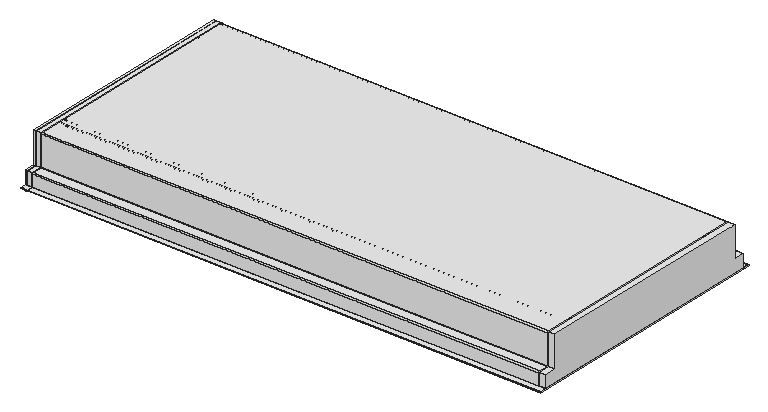
Revit family "MD1U-PR", category Lighting Fixtures, host Ceiling, Revit 2023
Family settings
  Host = Ceiling
  Round Connector Dimension = Use Diameter
  Part Type = Normal
  OmniClass Number = 23.80.70.11.14.17
  OmniClass Title = Direct/Indirect
  Always vertical = Yes
  Cut with Voids When Loaded = No
  Light Source = Yes
  Maintain Annotation Orientation = No
  Shared = No
  Room Calculation Point = No
Parameters (values of type "MD1UI2X4-LED840K125LUNV-C84(G)C97(3)-Reading")
  Width = 1' - 11 3/4"
  Wattage = 19 W
  built-in parameter 1150110 = 1 (stored number, unit not read)
  Voltage = 120 V
  URL = "https://www.viscor.com/en/products/md1u-patient-room"
  built-in parameter 1114217 = 0.9 (stored number, unit not read)
  Tilt Angle = 90.00°
  built-in parameter 1150109 = 1 (stored number, unit not read)
  built-in parameter 1150134 = 12
  built-in parameter 1150113 = 1 (stored number, unit not read)
  Photometric Web File = "MD1UI2X4-LED840K125LUNV-C84(G)C97(3)-Reading.ies"
  Model = "MD1U Patient Room"  # constant formula
  Manufacturer = "CERTOLUX by VISCOR"  # constant formula
  Lumens = 1995 lm
  built-in parameter 1150115 = 1 (stored number, unit not read)
  built-in parameter 1150105 = 158.76 (stored number, unit not read)
  built-in parameter 1150137 = (empty or 0)
  built-in parameter 1150139 = (empty or 0)
  Lens Finish = Polycarbonate - Viscor - Clear Flat Smooth Lens
  Length = 3' - 11 3/4"
  Lamp Wattage = 19 VA
  built-in parameter 1150112 = 1 (stored number, unit not read)
  built-in parameter 1150114 = 1 (stored number, unit not read)
  Lamp = "LED"  # constant formula
  built-in parameter 1150132 = (empty or 0)
  built-in parameter 1150102 = (empty or 0)
  built-in parameter 1150138 = (empty or 0)
  built-in parameter 1150107 = 4000 (stored number, unit not read)
  built-in parameter 1150106 = 1.5876 (stored number, unit not read)
  Housing Finish = Metal - Viscor - White
  Emit from Rectangle Width = Width  # 1' - 11 3/4"
  Emit from Rectangle Length = Length  # 3' - 11 3/4"
  Emit Shape Visible in Rendering = no
  built-in parameter 1150104 = 9.7548 (stored number, unit not read)
  Dimming Lamp Color Temperature Shift = <None>
  Diffuser Finish = Polycarbonate - Viscor - Frosted Formed
  Description = "LED Medical 1 Recessed Patient Room"  # constant formula
  Default Elevation = 0' - 0"
  Color Filter = 16777215
  built-in parameter 1114218 = 1 (stored number, unit not read)
  built-in parameter 1150133 = 10 (stored number, unit not read)
  Assembly Code = "D5020200"
  Apparent Load = Lamp Wattage  # 19 VA
Types (8): name | Wattage | Photometric Web File | Lumens | built-in parameter 1150105 | Length | Lamp Wattage | built-in parameter 1150106 | Emit from Rectangle Length | built-in parameter 1150104 | Apparent Load
  (no name) | 19 W | "MD1UI2X4-LED840K125LUNV-C84(G)C97(3)-Reading.ies" | 1995 lm | 158.76 (stored number, unit not read) | 3' - 11 3/4" | 19 VA | 1.5876 (stored number, unit not read) | 3' - 11 3/4" | 9.7548 (stored number, unit not read) | 19 VA
  MD1UI2X2-LED840K090LUNV-C84(G)C97(2)-Ambient | 27 W | "MD1UI2X2-LED840K090LUNV-C84(G)C97(2)-Ambient.ies" | 2997 lm | 238.49 (stored number, unit not read) | 1' - 11 3/4" | 27 VA | 2.3849 (stored number, unit not read) | 1' - 11 3/4" | 10.312 (stored number, unit not read) | 27 VA
  MD1UI2X4-LED840K125LUNV-C84(G)C97(2)-Exam | 113 W | "MD1UI2X4-LED840K125LUNV-C84(G)C97(2)-Exam.ies" | 12543 lm | 998.14 (stored number, unit not read) | 3' - 11 3/4" | 113 VA | 9.9814 (stored number, unit not read) | 3' - 11 3/4" | 10.312 (stored number, unit not read) | 113 VA
  MD1UI2X2-LED840K090LUNV-C84(G)C97(2)-Exam | 79 W | "MD1UI2X2-LED840K090LUNV-C84(G)C97(2)-Exam.ies" | 9006 lm | 716.67 (stored number, unit not read) | 1' - 11 3/4" | 79 VA | 7.1667 (stored number, unit not read) | 1' - 11 3/4" | 10.591 (stored number, unit not read) | 79 VA
  MD1UI2X4-LED840K125LUNV-C84(G)C97(2)-Ambient | 40 W | "MD1UI2X4-LED840K125LUNV-C84(G)C97(2)-Ambient.ies" | 4480 lm | 356.51 (stored number, unit not read) | 3' - 11 3/4" | 40 VA | 3.5651 (stored number, unit not read) | 3' - 11 3/4" | 10.405 (stored number, unit not read) | 40 VA
  MD1UI2X4-LED840K125LUNV-C84(G)C97(3)-Ambient | 40 W | "MD1UI2X4-LED840K125LUNV-C84(G)C97(3)-Ambient.ies" | 4480 lm | 356.51 (stored number, unit not read) | 3' - 11 3/4" | 4 VA | 3.5651 (stored number, unit not read) | 3' - 11 3/4" | 10.405 (stored number, unit not read) | 4 VA
  MD1UI2X4-LED840K125LUNV-C84(G)C97(3)-Exam | 113 W | "MD1UI2X4-LED840K125LUNV-C84(G)C97(3)-Exam.ies" | 12543 lm | 998.14 (stored number, unit not read) | 3' - 11 3/4" | 113 VA | 9.9814 (stored number, unit not read) | 3' - 11 3/4" | 10.312 (stored number, unit not read) | 113 VA
  MD1UI2X4-LED840K125LUNV-C84(G)C97(3)-Reading | 19 W | "MD1UI2X4-LED840K125LUNV-C84(G)C97(3)-Reading.ies" | 1995 lm | 158.76 (stored number, unit not read) | 3' - 11 3/4" | 19 VA | 1.5876 (stored number, unit not read) | 3' - 11 3/4" | 9.7548 (stored number, unit not read) | 19 VA
Reference planes (in)
  plane 1 "Light Source Axis (F/B)": y = 0
  plane 2 "Ceiling": z = 96
  plane 3 "Light Source Axis (L/R)": x = 0
  plane 4 "Light Source Elevation": z = 95
  plane 5: y = 11.875
  plane 6: y = -11.875
  plane 7 "Left": x = -23.875
  plane 8 "Right": x = 23.875
  plane 9: x = -23.25
  plane 10: x = 23.25
  plane 11: x = -22.625
  plane 12: x = 22.625
  plane 13 "USofFrame": z = 96.045
  plane 14: y = -11.25
  plane 15: y = 11.25
  plane 16 "Lens": z = 96.17
  plane 17: x = -22
  plane 18: x = 22
Forms (in)
  Extrusion 1, solid, material "Metal - Viscor - White" <- "Housing Finish"
    sketch origin (0, 0, 0) x (0, 1, 0) y (0, 0, 1)
      loop
        arc (11.3015, 97.168) -> (11.28217, 97.21467) -> (11.2355, 97.234) r 0.066
        line (11.2355, 97.234) -> (10.3115, 97.234)
        arc (10.3115, 97.234) -> (10.29029, 97.24279) -> (10.2815, 97.264) r 0.03
        line (10.2815, 97.264) -> (10.2815, 100.007)
        arc (10.2815, 100.007) -> (10.26217, 100.05367) -> (10.2155, 100.073) r 0.066
        line (10.2155, 100.073) -> (-10.2155, 100.073)
        arc (-10.2155, 100.073) -> (-10.26217, 100.05367) -> (-10.2815, 100.007) r 0.066
        line (-10.2815, 100.007) -> (-10.2815, 97.264)
        arc (-10.2815, 97.264) -> (-10.29029, 97.24279) -> (-10.3115, 97.234) r 0.03
        line (-10.3115, 97.234) -> (-11.2355, 97.234)
        arc (-11.2355, 97.234) -> (-11.28217, 97.21467) -> (-11.3015, 97.168) r 0.066
        line (-11.3015, 97.168) -> (-11.3015, 96.073) -> (-11.26634, 96.073) -> (-11.26634, 97.168)
        arc (-11.26634, 97.168) -> (-11.25731, 97.18981) -> (-11.2355, 97.19884) r 0.03084
        line (-11.2355, 97.19884) -> (-10.3115, 97.19884)
        arc (-10.3115, 97.19884) -> (-10.26543, 97.21793) -> (-10.24634, 97.264) r 0.06516
        line (-10.24634, 97.264) -> (-10.24634, 100.007)
        arc (-10.24634, 100.007) -> (-10.23731, 100.02881) -> (-10.2155, 100.03784) r 0.03084
        line (-10.2155, 100.03784) -> (10.2155, 100.03784)
        arc (10.2155, 100.03784) -> (10.23731, 100.02881) -> (10.24634, 100.007) r 0.03084
        line (10.24634, 100.007) -> (10.24634, 97.264)
        arc (10.24634, 97.264) -> (10.26543, 97.21793) -> (10.3115, 97.19884) r 0.06516
        line (10.3115, 97.19884) -> (11.2355, 97.19884)
        arc (11.2355, 97.19884) -> (11.25731, 97.18981) -> (11.26634, 97.168) r 0.03084
        line (11.26634, 97.168) -> (11.26634, 96.073) -> (11.3015, 96.073) -> (11.3015, 97.168)
    from -23.25 to 23.25
  Extrusion 2, solid
    sketch origin (0, 0, 0) x (0, 1, 0) y (0, 0, 1)
      loop
        arc (7.664, 100.03702) -> (7.61097, 100.01506) -> (7.58901, 99.96204) r 0.07499
        line (7.58901, 99.96204) -> (7.589, 99.487)
        arc (7.589, 99.487) -> (7.57758, 99.45942) -> (7.55, 99.448) r 0.039
        line (7.55, 99.448) -> (-7.55, 99.448)
        arc (-7.55, 99.448) -> (-7.57758, 99.45942) -> (-7.589, 99.487) r 0.039
        line (-7.589, 99.487) -> (-7.589, 99.96195)
        arc (-7.589, 99.96195) -> (-7.61097, 100.01498) -> (-7.664, 100.037) r 0.075
        line (-7.664, 100.037) -> (-8.214, 100.037) -> (-8.214, 100.00184) -> (-7.664, 100.00179)
        arc (-7.664, 100.00179) -> (-7.63583, 99.99012) -> (-7.62416, 99.96195) r 0.03984
        line (-7.62416, 99.96195) -> (-7.62416, 99.487)
        arc (-7.62416, 99.487) -> (-7.60244, 99.43456) -> (-7.55, 99.41284) r 0.07416
        line (-7.55, 99.41284) -> (7.55, 99.41284)
        arc (7.55, 99.41284) -> (7.60244, 99.43456) -> (7.62417, 99.487) r 0.07416
        line (7.62417, 99.487) -> (7.62417, 99.96204)
        arc (7.62417, 99.96204) -> (7.63583, 99.9902) -> (7.664, 100.00187) r 0.03983
        line (7.664, 100.00187) -> (8.214, 100.00187) -> (8.214, 100.03702) -> (7.664, 100.03702)
    from -23.25 to 23.25
  Extrusion 3, solid, material "Metal - Viscor - White" <- "Housing Finish"
    sketch origin (0, 0, 0) x (0, 1, 0) y (0, 0, 1)
      loop
        line (11.299, 96.095) -> (11.299, 97.234) -> (10.2815, 97.234) -> (10.2815, 100.073) -> (-10.2815, 100.073) -> (-10.2815, 97.234) -> (-11.3015, 97.234) -> (-11.3015, 96.095) -> (11.299, 96.095)
    from -23.875 to -23.25
  Extrusion 4, void
    sketch origin (-23.25, 0, 0) x (0, -1, 0) y (0, 0, 1)
      loop
        line (10.24634, 100.03784) -> (-10.24634, 100.03784) -> (-10.24634, 97.19884) -> (-11.26384, 97.19884) -> (-11.26384, 95.874) -> (11.26634, 95.874) -> (11.26634, 97.19884) -> (10.24634, 97.19884) -> (10.24634, 100.03784)
    from 0 to 0.47339
  Extrusion 5, solid, material "Metal - Viscor - White" <- "Housing Finish"
    sketch origin (0, 0, 0) x (0, 1, 0) y (0, 0, -1)
      loop
        line (11.299, -96.095) -> (-11.3015, -96.095) -> (-11.3015, -97.234) -> (-10.2815, -97.234) -> (-10.2815, -100.073) -> (10.2815, -100.073) -> (10.2815, -97.234) -> (11.299, -97.234) -> (11.299, -96.095)
    from -23.875 to -23.25
  Extrusion 6, void
    sketch origin (23.25, 0, 0) x (0, -1, 0) y (0, 0, -1)
      loop
        line (10.24634, -100.03784) -> (10.24634, -97.19884) -> (11.26634, -97.19884) -> (11.26634, -96.13016) -> (-11.26384, -96.13016) -> (-11.26384, -97.19884) -> (-10.24634, -97.19884) -> (-10.24634, -100.03784) -> (10.24634, -100.03784)
    from 0 to 0.47339
  Extrusion 7, solid, material "Metal - Viscor - White" <- "Housing Finish"
    sketch origin (0, 0, 0) x (0, 1, 0) y (0, 0, 1)
      loop
        line (10.39827, 96.724) -> (9.1406, 97.23213) -> (7.45632, 99.38791)
        arc (7.45632, 99.38791) -> (7.43432, 99.40566) -> (7.40677, 99.412) r 0.063
        line (7.40677, 99.412) -> (6.8125, 99.412) -> (6.8125, 99.38075) -> (7.42226, 99.38075) -> (9.12113, 97.20629) -> (10.38657, 96.69503) -> (10.39827, 96.724)
    from -22.625 to 22.625
  Extrusion 8, solid, material "Metal - Viscor - White" <- "Housing Finish"
    sketch origin (0, 0, 0) x (0, -1, 0) y (0, 0, -1)
      loop
        line (10.39827, -96.724) -> (10.38657, -96.69503) -> (9.12113, -97.20629) -> (7.42226, -99.38075) -> (6.8125, -99.38075) -> (6.8125, -99.412) -> (7.40677, -99.412)
        arc (7.40677, -99.412) -> (7.43432, -99.40566) -> (7.45632, -99.38791) r 0.063
        line (7.45632, -99.38791) -> (9.1406, -97.23213) -> (10.39827, -96.724)
    from -22.625 to 22.625
  Extrusion 9, solid, material "Metal - Viscor - White" <- "Housing Finish"
    sketch origin (0, 0, 0) x (0, 1, 0) y (0, 0, 1)
      loop
        line (11.8745, 96) -> (11.8745, 96.04687) -> (11.2715, 96.04688)
        arc (11.2715, 96.04688) -> (11.24313, 96.05863) -> (11.23067, 96.087) r 0.04012
        line (11.23067, 96.087) -> (11.23067, 96.63488) -> (-11.23138, 96.63488) -> (-11.23138, 96.087)
        arc (-11.23138, 96.087) -> (-11.24313, 96.05863) -> (-11.2715, 96.04687) r 0.04012
        line (-11.2715, 96.04687) -> (-11.8745, 96.04687) -> (-11.8745, 96) -> (-11.2715, 96)
        arc (-11.2715, 96) -> (-11.20998, 96.02548) -> (-11.1845, 96.087) r 0.087
        line (-11.1845, 96.087) -> (-11.1845, 96.588) -> (11.18379, 96.588) -> (11.1845, 96.087)
        arc (11.1845, 96.087) -> (11.20998, 96.02548) -> (11.2715, 96) r 0.087
        line (11.2715, 96) -> (11.8745, 96)
    from -23.875 to 23.875
  Extrusion 10, solid, material "Metal - Viscor - White" <- "Housing Finish"
    sketch origin (0, 0, 96) x (1, 0, 0) y (0, 1, 0)
      loop
        line (-23.875, -11.875) -> (-23.25, -11.875) -> (-23.25, 11.875) -> (-23.875, 11.875) -> (-23.875, -11.875)
    from 0 to 0.045
  Extrusion 11, solid, material "Metal - Viscor - White" <- "Housing Finish"
    sketch origin (0, 0, 96) x (1, 0, 0) y (0, 1, 0)
      loop
        line (23.25, -11.875) -> (23.875, -11.875) -> (23.875, 11.875) -> (23.25, 11.875) -> (23.25, -11.875)
    from 0 to 0.045
  Extrusion 12, solid, material "Metal - Viscor - White" <- "Housing Finish"
    sketch origin (0, 0, 96) x (1, 0, 0) y (0, 1, 0)
      loop
        line (-23.25, -11.25) -> (23.25, -11.25) -> (23.25, 11.25) -> (-23.25, 11.25) -> (-23.25, -11.25)
      loop
        line (-22, -10) -> (22, -10) -> (22, 10) -> (-22, 10) -> (-22, -10)
    from 0 to 0.045
  Extrusion 13, void
    sketch origin (0, 0, 96) x (1, 0, 0) y (0, 1, 0)
      loop
        line (-22.25, -10.25) -> (22.25, -10.25) -> (22.25, 10.25) -> (-22.25, 10.25) -> (-22.25, -10.25)
    from 0.045 to 0.17
  Extrusion 14, void
    sketch origin (43.99109, -53.88196, 0) x (1, 0, 0) y (0, 1, 0)
      loop
        line (-67.86609, 65.75696) -> (-67.86609, 42.00696) -> (-20.11609, 42.00696) -> (-20.11609, 65.75696) -> (-67.86609, 65.75696)
    from 95.5652 to 100.5
  Extrusion 15, solid, material "Polycarbonate - Viscor - Frosted Formed" <- "Diffuser Finish"
    sketch origin (0, 0, 0) x (0, 1, 0) y (0, 0, 1)
      loop
        line (9.88126, 96.04603) -> (2.53279, 97.20992)
        arc (2.53279, 97.20992) -> (2.47234, 97.19456) -> (2.44186, 97.14015) r 0.079
        line (2.44186, 97.14015) -> (2.37415, 96.49592)
        arc (2.37415, 96.49592) -> (2.36146, 96.47102) -> (2.33537, 96.461) r 0.039
        line (2.33537, 96.461) -> (-2.33537, 96.461)
        arc (-2.33537, 96.461) -> (-2.36146, 96.47102) -> (-2.37415, 96.49592) r 0.039
        line (-2.37415, 96.49592) -> (-2.44186, 97.14015)
        arc (-2.44186, 97.14015) -> (-2.47234, 97.19456) -> (-2.53279, 97.20992) r 0.079
        line (-2.53279, 97.20992) -> (-9.88126, 96.04603) -> (-9.875, 96.00652) -> (-2.52653, 97.17041)
        arc (-2.52653, 97.17041) -> (-2.49669, 97.16283) -> (-2.48165, 97.13596) r 0.039
        line (-2.48165, 97.13596) -> (-2.41394, 96.49174)
        arc (-2.41394, 96.49174) -> (-2.38823, 96.44129) -> (-2.33537, 96.421) r 0.079
        line (-2.33537, 96.421) -> (2.33537, 96.421)
        arc (2.33537, 96.421) -> (2.38823, 96.44129) -> (2.41394, 96.49174) r 0.079
        line (2.41394, 96.49174) -> (2.48165, 97.13596)
        arc (2.48165, 97.13596) -> (2.49669, 97.16283) -> (2.52653, 97.17041) r 0.039
        line (2.52653, 97.17041) -> (9.875, 96.00652) -> (9.88126, 96.04603)
    from -22 to 22
  Extrusion 16, solid, material "Polycarbonate - Viscor - Clear Flat Smooth Lens" <- "Lens Finish"
    sketch origin (0, 0, 0) x (0, 1, 0) y (0, 0, 1)
      loop
        line (10.125, 96.05) -> (10.125, 96.175) -> (-10.125, 96.175) -> (-10.125, 96.05) -> (10.125, 96.05)
    from -22.625 to 22.625
Cuts and joins
  Extrusion 4, Extrusion 6 cuts Extrusion 2
  Extrusion 4, Extrusion 6 cuts Extrusion 3
  Extrusion 6 cuts Extrusion 5
Dimensions and locks (in)
  equal spacing: host sketch curve, plane 3 "Light Source Axis (L/R)", host sketch curve
  equal spacing: host sketch curve, plane 1 "Light Source Axis (F/B)", host sketch curve
  host sketch curve to host sketch curve = 10' - 0"  (x2)
  equal spacing: plane 7 "Left", plane 3 "Light Source Axis (L/R)", plane 8 "Right"
  "Length": plane 7 "Left" to plane 8 "Right"
  equal spacing: plane 5, plane 1 "Light Source Axis (F/B)", plane 6
  "Width": plane 5 to plane 6
  locked: plane 11 to plane 9 at 0.625
  locked: plane 7 "Left" to plane 9 at 0.625
  plane 12 to plane 10 = 0' - 0 5/8"
  plane 10 to plane 8 "Right" = 0' - 0 5/8"
  locked: plane 13 "USofFrame" to plane 2 "Ceiling" at 0.045
  equal spacing: plane 5, Extrusion 12 sketch curve, Extrusion 12 sketch curve
  equal spacing: plane 7 "Left", Extrusion 12 sketch curve, Extrusion 12 sketch curve
  locked: plane 6 to Extrusion 12 sketch curve at 0.625
  locked: plane 8 "Right" to Extrusion 12 sketch curve at 0.625
  plane 16 "Lens" to plane 13 "USofFrame" = 0' - 0 1/8"
  locked: plane 7 "Left" to plane 17 at 1.875
  locked: plane 18 to plane 8 "Right" at 1.875
  plane 2 "Ceiling" to plane 4 "Light Source Elevation" = 0' - 1"
  aligned and locked: plane 3 "Light Source Axis (L/R)" to imposter light
  aligned and locked: plane 1 "Light Source Axis (F/B)" to imposter light
  aligned and locked: plane 4 "Light Source Elevation" to imposter light
  aligned and locked: Extrusion 1 to plane 9
  aligned and locked: plane 10 to Extrusion 1
  aligned and locked: Extrusion 2 to plane 9
  aligned and locked: plane 10 to Extrusion 2
  aligned and locked: Extrusion 3 to plane 7 "Left"
  aligned and locked: plane 9 to Extrusion 3
  aligned and locked: Extrusion 7 to plane 11
  aligned and locked: plane 12 to Extrusion 7
  aligned and locked: Extrusion 8 to plane 11
  aligned and locked: plane 12 to Extrusion 8
  aligned and locked: plane 8 "Right" to cut or joined group of Extrusion 5, Extrusion 6
  aligned and locked: cut or joined group of Extrusion 5, Extrusion 6 to plane 10
  aligned and locked: Extrusion 9 to plane 7 "Left"
  aligned and locked: plane 8 "Right" to Extrusion 9
  aligned and locked: Extrusion 10 sketch curve to plane 7 "Left"
  aligned and locked: plane 9 to Extrusion 10 sketch curve
  aligned and locked: plane 13 "USofFrame" to Extrusion 10
  aligned and locked: Extrusion 11 sketch curve to plane 10
  aligned and locked: Extrusion 11 sketch curve to plane 6
  aligned and locked: plane 5 to Extrusion 11 sketch curve
  aligned and locked: plane 13 "USofFrame" to Extrusion 11
  aligned and locked: plane 13 "USofFrame" to Extrusion 12
  aligned and locked: Extrusion 13 to plane 13 "USofFrame"
  aligned and locked: plane 16 "Lens" to Extrusion 13
  aligned and locked: Extrusion 14 to plane 7 "Left"
  aligned and locked: plane 8 "Right" to Extrusion 14
  aligned and locked: Extrusion 14 to plane 6
  aligned and locked: plane 5 to Extrusion 14
  aligned and locked: Extrusion 15 to plane 17
  aligned and locked: plane 18 to Extrusion 15
  aligned and locked: Extrusion 16 to plane 11
  aligned and locked: plane 12 to Extrusion 16
Automatic sketch dimensions
  Extrusion 1 sketch curve to Extrusion 1 sketch curve = 0' - 0"  (x12)
  plane 2 "Ceiling" to Extrusion 1 sketch curve = 0' - 0.073"  (x2)
  plane 6 to Extrusion 1 sketch curve = 0' - 0.5735"
  Extrusion 1 sketch curve to Extrusion 1 sketch curve = 0' - 0 9/256"
  Extrusion 1 sketch curve to Extrusion 1 sketch curve = 0' - 0.03084"  (x4)
  Extrusion 1 sketch curve to Extrusion 1 sketch curve = 0' - 0.924"
  Extrusion 1 sketch curve to Extrusion 1 sketch curve = 0' - 0.03"  (x2)
  Extrusion 1 sketch curve to plane 5 = 0' - 1.6595"
  Extrusion 1 sketch curve to plane 5 = 0' - 0.6395"
  Extrusion 1 sketch curve to Extrusion 1 sketch curve = 0' - 1.095"  (x2)
  Extrusion 1 sketch curve to Extrusion 1 sketch curve = 0' - 2.743"
  Extrusion 2 sketch curve to Extrusion 2 sketch curve = 0' - 0"  (x18)
  plane 6 to Extrusion 2 sketch curve = 0' - 3.661"
  Extrusion 2 sketch curve to Extrusion 2 sketch curve = 0' - 0.55"  (x2)
  Extrusion 2 sketch curve to Extrusion 2 sketch curve = 0' - 0.03984"
  Extrusion 2 sketch curve to Extrusion 2 sketch curve = 0' - 0 9/256"  (x4)
  Extrusion 2 sketch curve to Extrusion 2 sketch curve = 0' - 0.039"  (x3)
  Extrusion 2 sketch curve to plane 5 = 0' - 4.325"
  Extrusion 2 sketch curve to Extrusion 2 sketch curve = 0' - 0.03901"
  Extrusion 2 sketch curve to Extrusion 2 sketch curve = 0' - 0.03983"
  plane 2 "Ceiling" to Extrusion 2 sketch curve = 0' - 3.41284"
  Extrusion 2 sketch curve to Extrusion 2 sketch curve = 0' - 0.47495"
  Extrusion 2 sketch curve to Extrusion 2 sketch curve = 0' - 0.47504"
  Extrusion 2 sketch curve to Extrusion 2 sketch curve = 0' - 0.00005"
  plane 2 "Ceiling" to Extrusion 3 sketch curve = 0' - 0.095"
  plane 6 to Extrusion 3 sketch curve = 0' - 0.5735"
  Extrusion 3 sketch curve to Extrusion 3 sketch curve = 0' - 1.02"
  Extrusion 3 sketch curve to plane 5 = 0' - 1.5935"
  Extrusion 3 sketch curve to plane 5 = 0' - 0.576"
  Extrusion 3 sketch curve to Extrusion 3 sketch curve = 0' - 1.139"  (x2)
  Extrusion 3 sketch curve to Extrusion 3 sketch curve = 0' - 2.839"
  Extrusion 3 to Extrusion 4 sketch curve = 0' - 0 9/256"  (x7)
  Extrusion 4 sketch curve to Extrusion 3 = 0' - 0.221"
  plane 2 "Ceiling" to Extrusion 5 sketch curve = 0' - 0.095"
  plane 6 to Extrusion 5 sketch curve = 0' - 0.5735"
  Extrusion 5 sketch curve to Extrusion 5 sketch curve = 0' - 1.02"
  Extrusion 5 sketch curve to plane 5 = 0' - 1.5935"
  Extrusion 5 sketch curve to plane 5 = 0' - 0.576"
  plane 2 "Ceiling" to Extrusion 5 sketch curve = 0' - 1.234"
  Extrusion 5 sketch curve to Extrusion 5 sketch curve = 0' - 1.139"
  Extrusion 5 sketch curve to Extrusion 5 sketch curve = 0' - 2.839"
  Extrusion 5 to Extrusion 6 sketch curve = 0' - 0 9/256"  (x8)
  Extrusion 7 sketch curve to plane 5 = 0' - 5 1/16"
  Extrusion 7 sketch curve to Extrusion 7 sketch curve = 0' - 0.59427"
  Extrusion 7 sketch curve to Extrusion 7 sketch curve = 0' - 0.01549"
  Extrusion 7 sketch curve to Extrusion 7 sketch curve = 0' - 0.03406"
  plane 2 "Ceiling" to Extrusion 7 sketch curve = 0' - 1.20629"
  Extrusion 7 sketch curve to Extrusion 7 sketch curve = 0' - 1.71436"
  plane 2 "Ceiling" to Extrusion 7 sketch curve = 0' - 1.23213"
  Extrusion 7 sketch curve to Extrusion 7 sketch curve = 0' - 0.01947"
  plane 2 "Ceiling" to Extrusion 7 sketch curve = 0' - 0.69503"
  Extrusion 7 sketch curve to Extrusion 7 sketch curve = 0' - 1.24597"
  Extrusion 7 sketch curve to Extrusion 7 sketch curve = 0' - 2.11687"
  Extrusion 7 sketch curve to Extrusion 7 sketch curve = 0' - 0.03175"
  Extrusion 7 sketch curve to Extrusion 7 sketch curve = 0' - 0.00716"
  Extrusion 7 sketch curve to Extrusion 7 sketch curve = 0' - 0 1/32"
  Extrusion 7 sketch curve to Extrusion 7 sketch curve = 0' - 0"
  Extrusion 8 sketch curve to plane 6 = 0' - 5 1/16"
  Extrusion 8 sketch curve to Extrusion 8 sketch curve = 0' - 0.59427"
  Extrusion 8 sketch curve to Extrusion 8 sketch curve = 0' - 0.01549"
  Extrusion 8 sketch curve to Extrusion 8 sketch curve = 0' - 0.03406"
  Extrusion 8 sketch curve to plane 2 "Ceiling" = 0' - 1.20629"
  Extrusion 8 sketch curve to Extrusion 8 sketch curve = 0' - 1.71436"
  Extrusion 8 sketch curve to plane 2 "Ceiling" = 0' - 1.23213"
  Extrusion 8 sketch curve to Extrusion 8 sketch curve = 0' - 0.01947"
  Extrusion 8 sketch curve to plane 2 "Ceiling" = 0' - 0.69503"
  Extrusion 8 sketch curve to Extrusion 8 sketch curve = 0' - 1.24597"
  Extrusion 8 sketch curve to Extrusion 8 sketch curve = 0' - 2.11687"
  Extrusion 8 sketch curve to Extrusion 8 sketch curve = 0' - 0.03175"
  Extrusion 8 sketch curve to Extrusion 8 sketch curve = 0' - 0.00716"
  Extrusion 8 sketch curve to Extrusion 8 sketch curve = 0' - 0 1/32"
  Extrusion 8 sketch curve to Extrusion 8 sketch curve = 0' - 0"
  Extrusion 9 sketch curve to Extrusion 9 sketch curve = 0' - 0"  (x15)
  plane 6 to Extrusion 9 sketch curve = 0' - 0.0005"
  plane 2 "Ceiling" to Extrusion 9 sketch curve = 0' - 0.087"  (x2)
  plane 6 to Extrusion 9 sketch curve = 0' - 0.6035"
  Extrusion 9 sketch curve to Extrusion 9 sketch curve = 0' - 0.04013"
  Extrusion 9 sketch curve to Extrusion 9 sketch curve = 0' - 0 3/64"  (x3)
  Extrusion 9 sketch curve to plane 5 = 0' - 0.69121"
  Extrusion 9 sketch curve to Extrusion 9 sketch curve = 0' - 0.04083"
  plane 2 "Ceiling" to Extrusion 9 sketch curve = 0' - 0 3/64"
  Extrusion 9 sketch curve to plane 2 "Ceiling" = 0' - 0"  (x2)
  Extrusion 9 sketch curve to Extrusion 9 sketch curve = 0' - 0.501"
  Extrusion 9 sketch curve to Extrusion 9 sketch curve = 0' - 0.00071"  (x2)
  Extrusion 9 sketch curve to plane 5 = 0' - 0.0005"
  Extrusion 10 sketch curve to plane 6 = 0' - 0"
  Extrusion 10 sketch curve to plane 5 = 0' - 0"
  Extrusion 11 sketch curve to plane 8 "Right" = 0' - 0"
  Extrusion 12 sketch curve to plane 9 = 0' - 0"
  plane 11 to Extrusion 12 sketch curve = 0' - 0 5/8"
  Extrusion 12 sketch curve to plane 12 = 0' - 0 5/8"
  Extrusion 12 sketch curve to Extrusion 12 sketch curve = 0' - 1 1/4"
  Extrusion 12 sketch curve to plane 5 = 0' - 1 7/8"
  Extrusion 12 sketch curve to plane 5 = 0' - 0 5/8"
  plane 11 to Extrusion 13 sketch curve = 0' - 0 3/8"
  Extrusion 13 sketch curve to plane 12 = 0' - 0 3/8"
  plane 6 to Extrusion 13 sketch curve = 0' - 1 5/8"
  Extrusion 13 sketch curve to plane 5 = 0' - 1 5/8"
  Extrusion 14 sketch curve to plane 5 = 1' - 11 3/4"
  Extrusion 14 sketch curve to plane 7 "Left" = 0' - 0"
  plane 7 "Left" to Extrusion 14 sketch curve = 3' - 11 3/4"
  Extrusion 14 sketch curve to Extrusion 14 sketch curve = 1' - 11 3/4"
  plane 2 "Ceiling" to Extrusion 15 sketch curve = 0' - 0.00652"  (x2)
  Extrusion 15 sketch curve to plane 5 = 0' - 2"
  plane 16 "Lens" to Extrusion 15 sketch curve = 0' - 1.00041"
  Extrusion 15 sketch curve to plane 1 "Light Source Axis (F/B)" = 0' - 2.52653"
  plane 13 "USofFrame" to Extrusion 15 sketch curve = 0' - 0.00103"  (x2)
  plane 16 "Lens" to Extrusion 15 sketch curve = 0' - 1.03992"
  Extrusion 15 sketch curve to Extrusion 15 sketch curve = 0' - 0.0061"  (x2)
  Extrusion 15 sketch curve to Extrusion 15 sketch curve = 0' - 0.03852"
  Extrusion 15 sketch curve to Extrusion 15 sketch curve = 0' - 0.03879"  (x4)
  Extrusion 15 sketch curve to Extrusion 15 sketch curve = 0' - 0"  (x8)
  Extrusion 15 sketch curve to Extrusion 15 sketch curve = 0' - 0.03978"  (x3)
  plane 16 "Lens" to Extrusion 15 sketch curve = 0' - 0.32592"
  Extrusion 15 sketch curve to Extrusion 15 sketch curve = 0' - 0.06771"  (x2)
  plane 16 "Lens" to Extrusion 15 sketch curve = 0' - 0.32174"
  Extrusion 15 sketch curve to Extrusion 15 sketch curve = 0' - 0.00408"  (x2)
  Extrusion 15 sketch curve to Extrusion 15 sketch curve = 0' - 0.039"
  Extrusion 15 sketch curve to Extrusion 15 sketch curve = 0' - 0.07857"
  plane 16 "Lens" to Extrusion 15 sketch curve = 0' - 0.96596"
  Extrusion 15 sketch curve to Extrusion 15 sketch curve = 0' - 0.00626"  (x2)
  plane 6 to Extrusion 15 sketch curve = 0' - 2"
  plane 16 "Lens" to Extrusion 16 sketch curve = 0' - 0.005"
  Extrusion 16 sketch curve to plane 5 = 0' - 1 3/4"
  plane 6 to Extrusion 16 sketch curve = 0' - 1 3/4"
  plane 13 "USofFrame" to Extrusion 16 sketch curve = 0' - 0.005"
Connectors (in)
  electrical at (0, 0, 96), driven by "Voltage", driven by "Apparent Load"
    settings: index 1, voltage 120 V, apparent load 0 VA, apparent load phase1 19 VA, apparent load phase2 0 VA, apparent load phase3 0 VA, power factor 1, load classification "Other", number of poles 1, system type 31, power factor state 1, is connector primary yes, connector utility no, sub classification motor no, connector description ""
